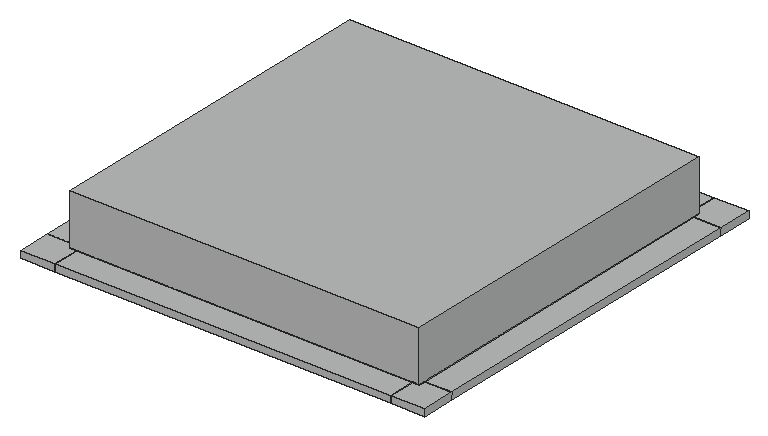
Revit family "ALUMOGIPS", category Осветительные приборы, Revit 2019 (continued)
Types (72, lengths in mm): name | Файл фотометрической сетки | built-in parameter 1150105 | Lumens | built-in parameter 1150106 | built-in parameter 1150142 | Wattage | Emit from Rectangle Width | Emit from Rectangle Length | Длина | Материал светильника | Ширина | ADSK_Ток | ADSK_Полная мощность | ADSK_Обозначение | ADSK_Номинальная мощность | ADSK_Наименование | ADSK_Масса | ADSK_Код изделия
    0.098 0.098 0.098 0.098 0.098 0.098 0.098 0.000 0.000 0.000 0.000 \r\n1417.637 1417.044 1413.295 1407.474 1398.890 1388.135 1374.815 1358.437 1340.184 1319.661 1296.869 1271.808 1244.971 1216.258 1185.673 1153.507 1120.158 1085.131 \r\n1048.823 1011.329 973.046 933.284 893.127 851.884 810.741 768.314 725.888 683.165 639.752 596.240 552.728 509.019 465.902 422.686 379.371 337.044 295.505 254.757 215.388 176.909 \r\n138.232 103.698 70.942 40.157 12.136 0.592 0.592 0.592 0.493 0.493 0.493 0.493 0.493 0.493 0.493 0.395 0.395 0.395 0.395 0.395 0.395 0.395 0.395 0.296 0.296 0.296 0.296 0.296 0.296 0.296 0.296 0.197 \r\n0.197 0.197 0.197 0.197 0.197 0.197 0.197 0.098 0.098 0.098 0.098 0.098 0.098 0.098 0.098 0.000 0.000 0.000 0.000 \r\n1417.637 1416.946 1413.197 1407.376 1398.693 1387.839 1374.520 1358.042 1339.789 1319.168 1296.376 1271.315 1244.477 1215.765 1185.179 1152.915 1119.566 1084.539 \r\n1048.230 1010.638 972.356 932.594 892.436 851.194 810.050 767.623 725.197 682.474 639.160 595.649 552.038 508.427 465.310 422.094 378.878 336.550 295.111 254.362 214.895 176.514 \r\n137.935 103.403 70.744 39.960 11.939 0.592 0.592 0.592 0.493 0.493 0.493 0.493 0.493 0.493 0.493 0.395 0.395 0.395 0.395 0.395 0.395 0.395 0.395 0.296 0.296 0.296 0.296 0.296 0.296 0.296 0.296 0.197 \r\n0.197 0.197 0.197 0.197 0.197 0.197 0.197 0.098 0.098 0.098 0.098 0.098 0.098 0.098 0.098 0.000 0.000 0.000 0.000 \r\n1417.637 1416.946 1413.098 1407.178 1398.495 1387.544 1374.223 1357.747 1339.395 1318.773 1295.882 1270.822 1243.886 1215.174 1184.587 1152.323 1118.974 1083.848 \r\n1047.540 1009.947 971.665 931.903 891.746 850.503 809.359 766.933 724.507 681.784 638.470 594.958 551.445 507.836 464.718 421.502 378.287 336.057 294.617 253.967 214.500 176.119 \r\n137.640 103.106 70.447 39.762 11.741 0.592 0.592 0.592 0.493 0.493 0.493 0.493 0.493 0.493 0.493 0.395 0.395 0.395 0.395 0.395 0.395 0.395 0.395 0.296 0.296 0.296 0.296 0.296 0.296 0.296 0.296 0.197 \r\n0.197 0.197 0.197 0.197 0.197 0.197 0.197 0.098 0.098 0.098 0.098 0.098 0.098 0.098 0.098 0.000 0.000 0.000 0.000 \r\n1417.637 1416.848 1412.999 1407.079 1398.298 1387.247 1373.829 1357.352 1339.000 1318.378 1295.488 1270.327 1243.392 1214.680 1183.995 1151.731 1118.283 1083.257 \r\n1046.849 1009.257 970.975 931.113 891.055 849.813 808.668 766.242 723.914 681.093 637.779 594.266 550.755 507.145 464.126 421.009 377.793 335.564 294.222 253.474 214.105 175.823 \r\n137.343 102.810 70.250 39.467 11.445 0.592 0.592 0.592 0.493 0.493 0.493 0.493 0.493 0.493 0.493 0.395 0.395 0.395 0.395 0.395 0.395 0.395 0.395 0.296 0.296 0.296 0.296 0.296 0.296 0.296 0.296 0.197 \r\n0.197 0.197 0.197 0.197 0.197 0.197 0.197 0.098 0.098 0.098 0.098 0.098 0.098 0.098 0.098 0.000 0.000 0.000 0.000 \r\n1417.637 1416.848 1412.901 1406.882 1398.002 1387.051 1373.533 1356.957 1338.605 1317.983 1294.994 1269.834 1242.899 1214.089 1183.403 1151.041 1117.692 1082.665 \r\n1046.257 1008.566 970.284 930.423 890.266 849.121 807.978 765.552 723.224 680.403 637.187 593.675 550.163 506.553 463.534 420.416 377.300 335.071 293.729 253.079 213.712 175.429 \r\n136.949 102.515 69.954 39.269 11.248 0.592 0.592 0.592 0.493 0.493 0.493 0.493 0.493 0.493 0.493 0.395 0.395 0.395 0.395 0.395 0.395 0.395 0.395 0.296 0.296 0.296 0.296 0.296 0.296 0.296 0.296 0.197 \r\n0.197 0.197 0.197 0.197 0.197 0.197 0.197 0.098 0.098 0.098 0.098 0.098 0.098 0.098 0.098 0.000 0.000 0.000 0.000 \r\n1417.637 1416.749 1412.802 1406.684 1397.805 1386.754 1373.237 1356.661 1338.210 1317.589 1294.599 1269.341 1242.406 1213.496 1182.811 1150.448 1117.099 1081.974 \r\n1045.566 1007.974 969.593 929.732 889.575 848.333 807.287 764.861 722.533 679.712 636.496 592.985 549.472 505.960 462.942 419.825 376.707 334.577 293.236 252.684 213.317 175.034 \r\n136.652 102.218 69.659 39.072 11.051 0.592 0.592 0.592 0.493 0.493 0.493 0.493 0.493 0.493 0.493 0.395 0.395 0.395 0.395 0.395 0.395 0.395 0.395 0.296 0.296 0.296 0.296 0.296 0.296 0.296 0.296 0.197 \r\n0.197 0.197 0.197 0.197 0.197 0.197 0.197 0.098 0.098 0.098 0.098 0.098 0.098 0.098 0.098 0.000 0.000 0.000 0.000 \r\n1417.637 1416.749 1412.704 1406.586 1397.607 1386.458 1372.941 1356.266 1337.815 1317.095 1294.106 1268.848 1241.813 1213.003 1182.219 1149.856 1116.409 1081.382 \r\n1044.876 1007.283 968.902 929.042 888.885 847.642 806.597 764.170 721.843 679.120 635.806 592.293 548.881 505.368 462.351 419.332 376.214 334.084 292.841 252.191 212.922 174.738 \r\n136.357 101.922 69.461 38.776 10.853 0.592 0.592 0.592 0.493 0.493 0.493 0.493 0.493 0.493 0.493 0.395 0.395 0.395 0.395 0.395 0.395 0.395 0.395 0.296 0.296 0.296 0.296 0.296 0.296 0.296 0.296 0.197 \r\n0.197 0.197 0.197 0.197 0.197 0.197 0.197 0.098 0.098 0.098 0.098 0.098 0.098 0.098 0.098 0.000 0.000 0.000 0.000 \r\n1417.637 1416.650 1412.604 1406.389 1397.311 1386.162 1372.546 1355.871 1337.421 1316.701 1293.613 1268.355 1241.320 1212.411 1181.627 1149.265 1115.816 1080.691 \r\n1044.284 1006.593 968.212 928.351 888.194 846.951 805.906 763.479 721.151 678.429 635.213 591.702 548.190 504.777 461.758 418.740 375.721 333.591 292.348 251.796 212.527 174.343 \r\n135.962 101.627 69.165 38.579 10.557 0.592 0.592 0.592 0.493 0.493 0.493 0.493 0.493 0.493 0.493 0.395 0.395 0.395 0.395 0.395 0.395 0.395 0.395 0.296 0.296 0.296 0.296 0.296 0.296 0.296 0.296 0.197 \r\n0.197 0.197 0.197 0.197 0.197 0.197 0.197 0.098 0.098 0.098 0.098 0.098 0.098 0.098 0.098 0.000 0.000 0.000 0.000 \r\n1417.637 1416.650 1412.506 1406.191 1397.114 1385.866 1372.250 1355.576 1337.027 1316.307 1293.218 1267.861 1240.827 1211.918 1181.035 1148.672 1115.225 1080.099 \r\n1043.593 1005.902 967.620 927.660 887.503 846.260 805.215 762.789 720.461 677.739 634.523 591.011 547.598 504.086 461.166 418.247 375.129 333.098 291.855 251.401 212.132 173.948 \r\n135.666 101.429 68.968 38.381 10.360 0.592 0.592 0.592 0.493 0.493 0.493 0.493 0.493 0.493 0.493 0.493 0.395 0.395 0.395 0.395 0.395 0.395 0.395 0.296 0.296 0.296 0.296 0.296 0.296 0.296 0.296 0.197 \r\n0.197 0.197 0.197 0.197 0.197 0.197 0.197 0.098 0.098 0.098 0.098 0.098 0.098 0.098 0.098 0.000 0.000 0.000 0.000 \r\n1417.637 1416.650 1412.407 1406.093 1396.917 1385.669 1371.954 1355.181 1336.632 1315.912 1292.725 1267.368 1240.334 1211.325 1180.443 1147.982 1114.633 1079.409 \r\n1042.903 1005.212 966.929 926.969 886.812 845.569 804.524 762.098 719.770 677.048 633.832 590.320 546.907 503.494 460.574 417.654 374.636 332.603 291.460 250.908 211.738 173.653 \r\n135.371 101.133 68.671 38.086 10.163 0.592 0.592 0.592 0.493 0.493 0.493 0.493 0.493 0.493 0.493 0.493 0.395 0.395 0.395 0.395 0.395 0.395 0.395 0.296 0.296 0.296 0.296 0.296 0.296 0.296 0.296 0.197 \r\n0.197 0.197 0.197 0.197 0.197 0.197 0.197 0.098 0.098 0.098 0.098 0.098 0.098 0.098 0.098 0.000 0.000 0.000 0.000 \r\n1417.637 1416.551 1412.309 1405.895 1396.621 1385.373 1371.559 1354.786 1336.237 1315.419 1292.232 1266.875 1239.742 1210.733 1179.851 1147.390 1113.942 1078.816 \r\n1042.310 1004.521 966.238 926.279 886.121 844.879 803.834 761.408 719.080 676.357 633.240 589.728 546.315 502.902 459.982 417.062 374.043 332.110 290.967 250.513 211.343 173.258 \r\n135.074 100.837 68.376 37.888 9.965 0.592 0.592 0.592 0.493 0.493 0.493 0.493 0.493 0.493 0.493 0.493 0.395 0.395 0.395 0.395 0.395 0.395 0.395 0.296 0.296 0.296 0.296 0.296 0.296 0.296 0.296 0.197 \r\n0.197 0.197 0.197 0.197 0.197 0.197 0.197 0.098 0.098 0.098 0.098 0.098 0.098 0.098 0.098 0.000 0.000 0.000 0.000 \r\n1417.637 1416.551 1412.111 1405.796 1396.423 1385.077 1371.264 1354.391 1335.842 1315.024 1291.837 1266.382 1239.248 1210.240 1179.259 1146.798 1113.350 1078.126 \r\n1041.620 1003.831 965.548 925.588 885.431 844.090 803.143 760.717 718.389 675.666 632.549 589.038 545.723 502.310 459.390 416.569 373.550 331.617 290.474 250.119 210.948 172.863 \r\n134.679 100.541 68.178 37.591 9.669 0.592 0.592 0.592 0.493 0.493 0.493 0.493 0.493 0.493 0.493 0.493 0.395 0.395 0.395 0.395 0.395 0.395 0.395 0.296 0.296 0.296 0.296 0.296 0.296 0.296 0.296 0.197 \r\n0.197 0.197 0.197 0.197 0.197 0.197 0.197 0.098 0.098 0.098 0.098 0.098 0.098 0.098 0.098 0.000 0.000 0.000 0.000 \r\n1417.637 1416.453 1412.013 1405.600 1396.226 1384.781 1370.968 1354.095 1335.448 1314.629 1291.344 1265.888 1238.754 1209.648 1178.667 1146.206 1112.758 1077.534 \r\n1040.929 1003.140 964.857 924.898 884.740 843.400 802.453 760.026 717.698 674.976 631.859 588.446 545.032 501.718 458.798 415.977 373.057 331.124 290.079 249.625 210.553 172.567 \r\n134.383 100.245 67.883 37.394 9.472 0.592 0.592 0.592 0.493 0.493 0.493 0.493 0.493 0.493 0.493 0.493 0.395 0.395 0.395 0.395 0.395 0.395 0.395 0.296 0.296 0.296 0.296 0.296 0.296 0.296 0.296 0.197 \r\n0.197 0.197 0.197 0.197 0.197 0.197 0.197 0.098 0.098 0.098 0.098 0.098 0.098 0.098 0.098 0.000 0.000 0.000 0.000 \r\n1417.637 1416.453 1411.914 1405.402 1395.930 1384.583 1370.671 1353.701 1335.053 1314.234 1290.850 1265.395 1238.261 1209.155 1178.075 1145.515 1112.067 1076.844 \r\n1040.239 1002.548 964.167 924.207 883.951 842.708 801.762 759.336 717.008 674.383 631.267 587.755 544.441 501.126 458.206 415.385 372.465 330.631 289.585 249.231 210.160 172.172 \r\n134.088 99.949 67.685 37.198 9.275 0.592 0.592 0.592 0.493 0.493 0.493 0.493 0.493 0.493 0.493 0.493 0.395 0.395 0.395 0.395 0.395 0.395 0.395 0.296 0.296 0.296 0.296 0.296 0.296 0.296 0.296 0.197 \r\n0.197 0.197 0.197 0.197 0.197 0.197 0.197 0.098 0.098 0.098 0.098 0.098 0.098 0.098 0.098 0.000 0.000 0.000 0.000 \r\n1417.637 1416.354 1411.816 1405.303 1395.733 1384.288 1370.276 1353.307 1334.658 1313.741 1290.456 1264.901 1237.669 1208.563 1177.582 1144.923 1111.476 1076.252 \r\n1039.646 1001.857 963.476 923.417 883.260 842.018 801.072 758.644 716.317 673.693 630.576 587.064 543.749 500.435 457.614 414.891 371.972 330.137 289.191 248.836 209.765 171.778 \r\n133.693 99.653 67.389 36.901 9.077 0.592 0.592 0.592 0.493 0.493 0.493 0.493 0.493 0.493 0.493 0.493 0.395 0.395 0.395 0.395 0.395 0.395 0.395 0.296 0.296 0.296 0.296 0.296 0.296 0.296 0.296 0.197 \r\n0.197 0.197 0.197 0.197 0.197 0.197 0.197 0.098 0.098 0.098 0.098 0.098 0.098 0.098 0.098 0.000 0.000 0.000 0.000 \r\n" | 25.582 W | 275 | 1175 | 1195 | RAL 9006 | 295 | 0.179584 A | 41.3043 VA | "Alumogips-38/opal-sand 295х1195 (IP40, 4000К, серый)" | 38 W | "Встраиваемый светодиодный светильник Alumogips-38/opal-sand 295х1195 (IP40, 4000К, серый) c БАП на 1 час" | 2.5 | "ЦБ000008600"
